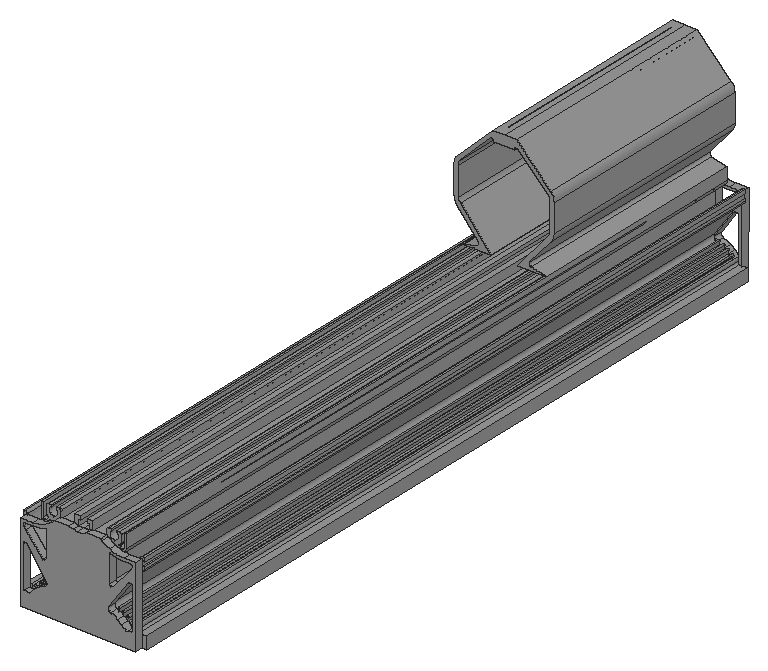
Revit family "L-street 24 Standart", category Осветительные приборы, Revit 2017 (continued)
Types (7, lengths in mm): name | built-in parameter 1150134 | Файл фотометрической сетки | built-in parameter 1150105 | Lumens | built-in parameter 1150106 | built-in parameter 1150142 | Wattage | built-in parameter 1150107 | Артикул
     390 394.1 398.6 403.2 408.1 412.7 416.8 420.2 423.6 427.4 431.9 437.2 443.6 450.4 458.6 467.8 478.1 488.9 500.4 512.6 525.2 538.3 550.5 561.4 569.2 573.5 573 566 550.8 523.8 483.7 426.3 358.3 287.2 226 175.3 132.2 89.9 55.3 36.1 25 16.8 13 11.4 10.1 9.1 8.4 7.8 7.2 6.8 6.3 5.8 5.4 5.1 4.8 4.6 4.1 3.2 2.8\r\n328.9 328.5 328.2 328.2 328.2 328.4 328.9 329.6 330.4 331.5 332.7 334 335.5 337.3 339.3 341.7 344.1 346.7 349.2 351.6 354.2 356.7 359.3 361.9 365 368.1 371.3 374.6 378.2 381.9 385.9 390.5 395.4 400.3 405.8 411.6 417.7 423.6 429 433.5 438.2 443.3 449.2 455.8 462.9 470.3 479 488.5 499.4 511.7 526 542.3 559.9 579.1 598.2 616.8 632.3 645.2 654.6 659.9 659.2 648.4 620.7 563.4 477.2 374.4 283.9 211.1 150.4 93 54.4 36.9 25.8 17.6 14 12.2 10.9 9.9 9.1 8.5 7.8 7.4 6.7 6.3 5.9 5.5 5.2 4.9 4.4 3.3 2.9\r\n328.9 328.5 328.3 328.3 328.5 328.8 329.3 330.1 331 332.2 333.4 334.8 336.4 338.2 340.3 342.5 344.9 347.4 350 352.6 355.1 357.6 360.2 362.9 365.9 368.9 372 375.3 378.8 382.5 386.5 391.1 396.3 401.6 407.5 413.8 420.8 427.5 433.8 439.1 444.6 450.3 457.4 465.6 474.8 485 496.5 508.6 522.2 536.9 552.8 569.8 587.4 606.2 625.2 644.8 662.4 678.1 690.6 700.2 705.2 700.9 677.7 619.9 527.1 411.5 307.8 226 157.1 93 55.9 38.9 27.5 18.9 14.9 13 11.6 10.5 9.8 9.1 8.4 7.9 7.2 6.7 6.2 5.8 5.5 5.2 4.6 3.4 2.9\r\n328.9 328.6 328.5 328.4 328.7 329.1 329.7 330.6 331.6 332.8 334.1 335.5 337.2 339.1 341.2 343.3 345.8 348.2 350.9 353.6 356.1 358.5 361.2 363.9 366.8 369.7 372.7 376 379.5 383.1 387.2 391.8 397.2 402.9 409.2 416.1 423.9 431.3 438.5 444.8 450.9 457.3 465.6 475.3 486.8 499.7 513.9 528.8 545.1 562 579.7 597.3 614.9 633.3 652.3 672.8 692.6 710.9 726.5 740.5 751.1 753.4 734.6 676.4 577.1 448.5 331.7 241 163.8 93.1 57.5 40.9 29.1 20.2 15.9 13.8 12.3 11.2 10.4 9.7 9 8.4 7.7 7.1 6.6 6.2 5.8 5.5 4.9 3.5 2.8\r\n328.9 328.6 328.5 328.6 328.9 329.3 330.1 331 332 333.3 334.7 336 337.9 339.8 342 344.3 347 349.4 352.1 355 357.6 360.1 362.8 365.6 368.5 371.5 374.5 377.7 381.2 384.8 388.9 393.5 398.8 404.6 411.1 418.5 426.6 434.3 441.8 448.1 454.5 461.5 470.8 481.7 494.7 509.3 525.6 543.2 562.8 583.2 605 627.4 649.8 673.3 697 721.2 744.1 764.1 778.2 783.6 777 755.4 714.5 642.8 541.4 421.1 315.5 229 151.8 86.9 55.2 38.9 27.8 20.1 16.2 14.2 12.6 11.6 10.7 10 9.3 8.6 8 7.4 6.8 6.4 6 5.7 5 3.6 2.9\r\n328.9 328.6 328.6 328.8 329.1 329.6 330.4 331.4 332.5 333.7 335.2 336.6 338.6 340.6 342.9 345.3 348.1 350.6 353.4 356.3 359 361.7 364.5 367.2 370.2 373.2 376.3 379.4 382.9 386.4 390.5 395.1 400.3 406.2 413.1 420.9 429.3 437.3 445 451.5 458 465.8 476 488.1 502.7 518.9 537.3 557.6 580.5 604.3 630.3 657.5 684.7 713.2 741.6 769.7 795.6 817.4 829.9 826.8 802.8 757.4 694.3 609.1 505.7 393.7 299.3 217 139.7 80.8 52.9 36.9 26.6 20 16.5 14.6 13 11.9 11.1 10.3 9.6 8.9 8.3 7.7 7.1 6.6 6.3 5.9 5.1 3.6 3\r\n328.9 328.7 328.8 328.9 329.3 330 330.8 331.9 333.1 334.4 336 337.6 339.6 341.7 344.2 346.7 349.5 352.1 355 357.9 360.7 363.5 366.4 369.2 372.3 375.3 378.4 381.5 385.1 388.8 393.1 397.8 403.2 409.1 416.2 424.2 432.7 440.8 448.6 454.7 460.9 468.4 478.4 490.1 504.2 519.7 537.4 557 579 602.2 627.4 653.9 680.8 709.8 739.9 771.3 801.5 829.4 850.7 859.9 847.5 808.1 741 643.7 528.7 412.9 318.2 234.4 150.2 84 54.9 37.9 27.2 20.8 17.3 15.2 13.5 12.4 11.5 10.7 10 9.3 8.6 7.9 7.3 6.9 6.5 6.1 5.3 3.8 3\r\n328.9 328.8 328.9 329 329.6 330.3 331.2 332.3 333.7 335.2 336.8 338.6 340.6 342.8 345.5 348.2 350.9 353.7 356.6 359.6 362.4 365.3 368.2 371.2 374.4 377.4 380.5 383.6 387.3 391.2 395.6 400.5 406 411.9 419.2 427.5 436 444.3 452.2 457.9 463.7 471 480.7 492.2 505.6 520.6 537.4 556.3 577.6 600 624.5 650.4 677 706.4 738.3 772.8 807.5 841.5 871.5 893.1 892.3 858.7 787.6 678.2 551.8 432 337.2 251.9 160.7 87.2 56.8 39 27.9 21.5 18 15.7 14.1 12.8 12 11.2 10.3 9.6 8.9 8.2 7.6 7.1 6.7 6.3 5.5 4 3.1\r\n328.9 329 329.5 330 330.7 331.9 333.2 334.6 336.2 338 339.8 341.8 344 346.5 349.2 352.1 354.9 357.8 360.7 363.6 366.4 369.2 372 374.9 377.8 380.7 383.9 387.3 391.1 395.4 400.3 405.6 411.7 418.6 427.2 436.3 444.8 452.4 459 464.7 471.7 481.1 492.7 506.6 522.4 540.2 559.7 581.7 605.8 631.5 658.1 685.9 714.5 745.8 778.3 812.3 846.4 879.2 904.3 916.2 905.6 859.1 774.4 661.5 532.7 402.1 293.1 196.3 120.8 68.8 45.8 31.7 22.8 18 15.4 13.6 12.3 11.3 10.5 9.8 9.1 8.5 7.9 7.3 6.9 6.5 6.1 5.5 4.3 3.3 2.9\r\n328.9 329.3 330.2 330.9 331.9 333.4 335.1 336.8 338.7 340.8 342.8 345 347.5 350.1 353 356 358.9 361.9 364.8 367.6 370.4 373.1 375.9 378.6 381.2 384 387.3 390.9 395 399.6 404.9 410.7 417.4 425.2 435.2 445.1 453.5 460.4 465.8 471.5 479.7 491.2 504.8 521 539.3 559.8 582 607.2 633.9 663 691.7 721.3 752.1 785.2 818.3 851.9 885.2 917 937 939.3 919 859.4 761.2 644.9 513.6 372.2 249 140.6 80.9 50.5 34.7 24.4 17.8 14.5 12.7 11.4 10.5 9.8 9.1 8.5 8 7.4 7 6.5 6.2 5.9 5.5 4.8 3.2 2.7 2.7\r\n328.9 329.4 330.2 331 332 333.4 335 336.7 338.6 340.6 342.6 344.7 347.1 349.6 352.4 355.2 358.1 360.9 363.6 366.2 368.8 371.4 374 376.6 379.2 382 385.3 388.8 392.6 397 402.2 407.8 414.4 421.9 431.2 440.5 448.4 454.9 460.4 466.2 474 484.8 497.7 513 530.2 549.4 569.9 593 617.3 643.5 669.5 695.9 722.8 751.4 780 808.5 835.6 860.9 877.7 881 869.3 832.1 763.8 664.3 532.5 377.6 247 136.9 77.5 48.8 34.8 24 17.1 14.1 12.4 11.1 10.2 9.6 8.9 8.3 7.8 7.2 6.8 6.3 6 5.7 5.4 4.7 3.1 2.7 2.7\r\n328.9 329.4 330.1 331 332.1 333.4 334.9 336.6 338.5 340.4 342.3 344.5 346.7 349.1 351.8 354.5 357.3 359.9 362.4 364.8 367.2 369.6 372.2 374.6 377.3 380.1 383.3 386.6 390.2 394.4 399.4 405 411.4 418.6 427.2 435.9 443.2 449.5 455 460.8 468.3 478.4 490.6 505 521.2 539.1 557.7 578.9 600.7 624.1 647.2 670.6 693.5 717.6 741.7 765.1 785.9 804.8 818.4 822.6 819.6 804.9 766.4 683.8 551.4 383.1 244.9 133.2 74 47.1 34.9 23.6 16.4 13.6 12.1 10.9 10 9.4 8.7 8.1 7.6 7 6.6 6.2 5.8 5.4 5.3 4.5 3 2.6 2.7\r\n328.9 329.4 330.2 331 332 333.3 334.7 336.2 338 339.7 341.5 343.5 345.5 347.8 350.3 353 355.7 358.2 360.7 363 365.4 367.8 370.3 372.8 375.5 378.3 381.5 384.8 388.6 392.8 397.6 403 409.3 416.1 424.2 432.5 439.5 445.4 450.6 455.9 462.5 471.1 481.3 493.2 506.3 520.8 536.2 553.5 571.6 591.3 611.2 631.8 652.8 675.7 698.9 722.2 742.8 761.3 775.1 781.3 780.2 768.4 735.8 659.6 539 387.4 258.5 153.6 86.2 51.2 36.2 25 17.1 13.6 12 10.8 9.8 9.2 8.5 8 7.4 6.9 6.5 6 5.7 5.4 5.1 4.5 3.1 2.7 2.7\r\n328.9 329.4 330.2 330.9 332 333.2 334.5 335.8 337.4 339.1 340.8 342.5 344.4 346.5 348.9 351.5 354.1 356.6 358.9 361.3 363.6 365.9 368.4 371 373.6 376.5 379.6 383.1 387 391.1 395.7 401 407.1 413.6 421.1 429 435.8 441.3 446.2 451 456.7 463.9 472 481.4 491.5 502.6 514.6 528.2 542.5 558.5 575.2 593 612 633.7 656.1 679.2 699.7 717.9 731.8 740 740.8 732 705.1 635.4 526.7 391.7 272.1 174 98.4 55.3 37.6 26.3 17.8 13.6 11.9 10.7 9.7 9 8.3 7.8 7.3 6.8 6.3 5.9 5.6 5.3 4.9 4.5 3.3 2.7 2.7\r\n328.9 329.5 330.3 331 332 333.1 334.2 335.5 337 338.5 340.1 341.6 343.4 345.3 347.5 350 352.5 354.9 357.3 359.6 361.8 364 366.3 368.6 371.2 373.8 376.8 380.1 383.8 387.6 392 396.7 402.2 408 414.6 421.4 427.4 432.1 436.2 439.9 444.1 449.8 456.5 464.2 472.4 481.7 492.1 504.3 517.4 532 547.1 562.9 578.6 594.9 610.3 625.2 636.8 644.4 646.8 642.2 628.3 601.4 558.5 487.4 398.1 300.5 218.4 153.5 97.9 57.3 37.8 25.4 16.7 12.7 11.3 10.1 9.1 8.4 7.8 7.3 6.8 6.4 5.9 5.5 5.2 4.9 4.6 4.3 3.2 2.7 2.7\r\n328.9 329.6 330.4 331 332 333 334 335.2 336.5 338 339.5 340.8 342.3 344.1 346.2 348.5 350.9 353.2 355.7 357.9 360.1 362.1 364.1 366.3 368.7 371.1 374 377.1 380.5 384.1 388.2 392.4 397.3 402.4 408 413.7 419 423 426.2 428.7 431.6 435.7 440.9 447 453.3 460.7 469.6 480.4 492.2 505.5 519.1 532.8 545.2 556 564.6 571.2 573.9 570.8 561.8 544.4 515.9 470.9 411.9 339.3 269.5 209.3 164.6 132.9 97.4 59.2 38 24.5 15.6 11.9 10.6 9.5 8.6 7.9 7.3 6.7 6.4 5.9 5.5 5.1 4.9 4.6 4.3 4 3 2.6 2.6\r\n328.9 329.6 330.3 330.9 331.7 332.6 333.5 334.6 335.8 337.1 338.4 339.6 341 342.5 344.5 346.6 348.8 351.1 353.5 355.6 357.6 359.4 361.2 363.2 365.5 367.9 370.6 373.6 377 380.4 384 387.7 391.8 395.9 400.4 404.8 409 412.2 414.8 416.7 419.1 422.5 426.9 432.4 438.2 444.8 451.8 459.6 467.6 476.2 484.4 492.1 497.8 501.1 501.5 498.2 489.1 471.8 446.9 414.5 377.6 335.3 291 243.7 199.4 161.3 132.5 111.4 88.8 60 38.2 24.5 15.5 11.5 10.1 9.1 8.1 7.4 6.8 6.3 5.9 5.6 5.2 4.8 4.5 4.3 4.1 3.8 3 2.6 2.6\r\n328.9 329.6 330.2 330.8 331.5 332.2 333 334 335.1 336.2 337.4 338.4 339.6 341 342.7 344.6 346.8 349 351.2 353.2 355.2 356.8 358.4 360.1 362.3 364.7 367.2 370.2 373.4 376.6 379.9 382.9 386.3 389.4 392.8 395.9 399 401.5 403.4 404.8 406.6 409.3 413 417.7 423.2 428.9 434.1 438.8 443 446.9 449.6 451.3 450.4 446.3 438.5 425.2 404.4 372.8 332.1 284.5 239.3 199.8 170 148 129.3 113.3 100.4 90 80.2 60.7 38.4 24.6 15.5 11.1 9.6 8.7 7.7 6.9 6.3 5.9 5.5 5.2 4.9 4.5 4.2 4 3.8 3.6 2.9 2.7 2.6\r\n328.9 329.6 330.1 330.7 331.3 331.9 332.7 333.7 334.6 335.6 336.6 337.5 338.6 339.9 341.4 343.2 345.2 347.2 349.1 350.9 352.7 354.2 355.8 357.6 359.7 362.1 364.5 367.1 369.7 372.2 374.7 377.2 379.9 382.5 385.1 387.6 390 392.2 394 395.5 397.2 398.9 400.9 403.2 405.8 408.1 409.5 410 409.2 407 401.9 393.5 379.6 360.7 338.2 313.8 287.4 259.5 230.5 200.1 171.3 146.3 126.5 111.3 98.3 88 80.3 73.6 62.6 45.5 29.8 19.7 12.9 9.9 8.7 7.8 6.9 6.3 5.7 5.3 5 4.7 4.4 4.1 3.8 3.6 3.4 3.1 2.7 2.6 2.5\r\n328.9 329.6 330 330.5 331 331.7 332.4 333.3 334.1 335 335.7 336.6 337.5 338.9 340.2 341.7 343.6 345.5 347 348.7 350.2 351.6 353.2 355.1 357.2 359.5 361.8 364 366 367.9 369.5 371.4 373.5 375.5 377.4 379.4 381.1 382.8 384.6 386.2 387.8 388.6 388.8 388.6 388.5 387.4 384.9 381.1 375.4 367.2 354.2 335.6 308.8 275.2 237.8 202.4 170.4 146.1 128.9 115.6 103.3 92.8 83 74.7 67.3 62.7 60.1 57.1 45.1 30.4 21.1 14.9 10.4 8.8 7.8 6.9 6.2 5.6 5.1 4.8 4.5 4.1 3.9 3.7 3.5 3.3 3.1 2.7 2.5 2.5 2.5\r\n328.9 329.5 329.8 330.3 330.6 331.2 331.7 332.4 333 333.7 334.2 334.8 335.4 336.4 337.3 338.6 340.1 341.7 343.1 344.6 346.1 347.4 348.8 350.3 352 353.8 355.5 357.1 358.6 360 361.2 362.3 363.6 365 366.4 368.1 369.5 370.4 370.9 370.8 370.5 369.4 367.5 364.9 361.4 356.8 349.7 339.5 325 306.7 283.4 257 228.1 199.7 172.9 149.4 128.6 112.2 99.6 89.2 79.7 71.9 64.6 58.5 52.9 49.3 46.4 42.2 33.6 24.5 18.4 13.7 10.1 8.5 7.6 6.7 6 5.3 4.8 4.5 4.3 3.9 3.7 3.5 3.3 3.1 3 2.6 2.4 2.4 2.4\r\n328.9 329.4 329.7 330 330.2 330.6 331 331.5 332 332.4 332.7 332.9 333.3 333.9 334.5 335.5 336.6 337.9 339.3 340.6 341.9 343.2 344.4 345.6 346.8 348.1 349.2 350.3 351.3 352.1 352.9 353.2 353.7 354.4 355.4 356.8 357.8 358 357.2 355.5 353.3 350.3 346.3 341.1 334.4 326.1 314.5 297.9 274.7 246.3 212.5 178.4 147.3 124.1 108 96.4 86.8 78.2 70.2 62.8 56.2 50.9 46.3 42.4 38.6 35.9 32.7 27.2 22.1 18.6 15.6 12.5 9.8 8.3 7.4 6.5 5.8 5.1 4.6 4.2 4.1 3.8 3.5 3.4 3.2 3 2.9 2.5 2.3 2.4 2.4\r\n328.9 329.4 329.6 329.8 330 330.2 330.4 330.7 330.9 331.1 331.2 331.3 331.4 331.6 332 332.8 333.6 334.8 335.8 337 338 339 339.9 340.7 341.5 342.3 343 343.7 344.2 344.5 344.8 344.9 345.1 345.2 345.2 345.4 345.1 344 342.1 339.1 334.9 329.9 323.6 315.4 304.1 289.5 270.1 246.3 218.3 189.8 161.8 137.2 116 100.1 88.3 79.2 71.4 64.3 57.9 52.2 47.2 43.1 39.5 36.3 33 30.2 27.2 23.3 19.6 16.9 14.4 11.8 9.5 8.3 7.4 6.6 5.8 5.1 4.5 4.1 3.9 3.6 3.4 3.3 3.1 2.9 2.8 2.5 2.3 2.3 2.4\r\n328.9 329.4 329.6 329.7 329.7 329.7 329.8 329.9 329.9 329.9 329.8 329.7 329.4 329.3 329.6 330 330.6 331.6 332.4 333.3 334.1 334.8 335.4 335.7 336.1 336.4 336.8 337 337.1 336.9 336.8 336.5 336.5 336.1 335 333.9 332.3 330.1 327 322.6 316.6 309.6 301 289.7 273.8 252.8 225.7 194.7 161.9 133.3 111 96 84.7 76.1 68.6 62 56 50.4 45.5 41.6 38.2 35.3 32.8 30.2 27.3 24.4 21.7 19.4 17.2 15.2 13.1 11 9.3 8.2 7.4 6.7 5.8 5.1 4.4 3.9 3.8 3.5 3.4 3.2 3 2.9 2.8 2.5 2.2 2.3 2.4\r\n328.9 329.3 329.4 329.4 329.3 329.2 329 328.9 328.7 328.5 328.2 327.9 327.5 327.2 327.2 327.5 327.9 328.5 329.1 329.6 330 330.3 330.4 330.6 330.7 330.8 330.8 330.7 330.4 330 329.4 328.5 327.5 326 324.1 321.7 318.8 314.9 310.1 304 296 286 272.6 255.5 233.2 207 178.6 151.5 126.8 106.9 91.5 80.4 71.6 64.3 58 52.5 47.6 43.4 39.8 36.8 34.2 31.8 29.5 27.1 24.8 22.5 20.3 18.4 16.5 14.8 13.1 11.5 9.9 8.6 7.6 6.8 6 5.3 4.5 4 3.7 3.5 3.3 3.1 2.9 2.8 2.7 2.5 2.2 2.2 2.3\r\n328.9 329.3 329.2 329.1 328.8 328.6 328.2 328 327.6 327.1 326.6 326.1 325.5 325.2 324.9 325 325.1 325.4 325.7 325.8 325.9 325.7 325.4 325.4 325.3 325.2 324.8 324.4 323.8 323 322.1 320.5 318.5 316 313.1 309.5 305.4 299.8 293.2 285.4 275.5 262.4 244.2 221.4 192.6 161.2 131.4 108.3 91.8 80.6 72 64.9 58.4 52.6 47.4 43 39.3 36.3 34 32.1 30.3 28.3 26.1 24.1 22.3 20.7 18.9 17.3 15.8 14.4 13.1 11.9 10.5 8.9 7.8 7 6.2 5.5 4.7 4 3.6 3.4 3.2 3.1 2.9 2.7 2.6 2.4 2.3 2.1 2.2\r\n328.9 329.2 329.1 328.9 328.5 328.1 327.6 327.1 326.5 325.8 325 324.2 323.5 322.9 322.5 322.3 322.2 322.1 322 321.7 321.1 320.5 319.8 319.4 319 318.6 318.3 318 317.4 316.3 314.8 312.5 309.6 306 301.6 296.4 290.5 283 273.9 262.7 247.9 229.2 205.3 179.3 152 127.2 106.1 90 78 69.4 62.5 56.6 51.2 46.4 42.2 38.8 35.9 33.6 31.7 29.9 28.2 26.4 24.5 22.9 21.5 20.1 18.6 17.3 16.1 14.8 13.7 12.7 11.6 10.2 8.7 7.5 6.6 5.9 5 4.3 3.7 3.4 3.2 3 2.9 2.7 2.6 2.4 2.2 2.1 2.2\r\n328.9 329.2 329 328.7 328.2 327.6 326.9 326.2 325.4 324.4 323.3 322.2 321.4 320.7 320.1 319.6 319.2 318.9 318.4 317.5 316.4 315.2 314.1 313.3 312.6 312.1 311.8 311.6 311 309.7 307.4 304.5 300.7 295.9 290.2 283.3 275.6 266.1 254.6 240 220.4 195.9 166.4 137.2 111.4 93.3 80.7 71.7 64.3 58.2 53 48.3 43.9 40.2 37.1 34.6 32.6 31 29.4 27.8 26.1 24.4 22.9 21.8 20.7 19.5 18.4 17.3 16.4 15.3 14.4 13.5 12.7 11.5 9.6 8 7 6.2 5.3 4.5 3.8 3.4 3.1 2.9 2.9 2.7 2.6 2.4 2.2 2.1 2.1\r\n328.9 329.1 328.9 328.5 327.9 327.2 326.4 325.6 324.6 323.3 322 320.8 319.8 318.9 318.2 317.5 316.8 316.1 315.1 313.9 312.4 310.9 309.5 308.4 307.3 306.4 305.9 305.3 304.4 302.7 300.3 297.2 293.3 288 281.6 274 265.3 254.3 240.7 223.1 200.5 173.9 145 119.4 98.6 84.1 73.5 65.7 59.1 54 49.5 45.3 41.5 38.2 35.5 33.3 31.4 29.8 28.2 26.6 25.1 23.6 22.2 21.1 20.2 19.3 18.5 17.7 16.9 16 15.1 14.3 13.5 12.5 11.1 9.6 7.9 6.6 5.7 4.9 4.1 3.5 3.2 2.9 2.8 2.7 2.6 2.4 2.2 2.1 2.1\r\n328.9 329.1 328.8 328.3 327.6 326.8 325.8 324.9 323.7 322.1 320.6 319.3 318.2 317 316.2 315.3 314.4 313.3 311.9 310.3 308.3 306.6 305 303.4 302 300.8 300 299.1 297.7 295.7 293.1 289.8 285.8 280.1 273 264.6 254.9 242.5 226.9 206.2 180.6 151.8 123.5 101.5 85.7 74.9 66.3 59.6 54 49.7 45.9 42.3 39 36.3 34 31.9 30.2 28.6 27 25.5 24.1 22.7 21.5 20.5 19.7 19.1 18.6 18 17.3 16.6 15.8 15 14.3 13.4 12.5 11.1 8.7 7.1 6.1 5.3 4.4 3.5 3.2 2.9 2.8 2.7 2.6 2.4 2.2 2.1 2\r\n328.9 329 328.7 328.1 327.3 326.4 325.3 324.1 322.7 320.9 319.1 317.6 316.3 315.1 313.9 312.8 311.5 309.9 307.9 305.7 303.5 301.4 299.5 297.5 295.7 294.2 292.6 290.6 288.1 285 281.6 277.4 272.1 265.3 257.3 247.5 235.5 219.7 200.5 176.6 150.6 125.6 104.1 88.2 76.4 67.6 60.4 54.7 50.1 46.5 43.3 40.4 37.5 35.2 33 31.1 29.4 28 26.4 25 23.6 22.4 21.1 20.3 19.8 19.2 18.7 18 17.3 16.6 15.9 15.5 15 14.4 13.9 12.8 11 9.1 7.1 5.8 4.8 3.9 3.3 3 2.8 2.7 2.6 2.4 2.2 2 2\r\n328.9 328.9 328.5 327.8 327 326 324.7 323.4 321.7 319.7 317.6 315.9 314.5 313.1 311.6 310.2 308.6 306.4 303.9 301.2 298.6 296.2 294 291.5 289.5 287.6 285.2 282.1 278.4 274.4 270.2 265 258.4 250.5 241.6 230.5 216 196.9 174.1 147 120.5 99.5 84.7 74.9 67 60.3 54.4 49.8 46.1 43.3 40.8 38.5 36.1 34 32 30.2 28.6 27.3 25.9 24.5 23.1 22 20.8 20.1 19.8 19.3 18.8 18 17.2 16.6 16.1 15.9 15.7 15.4 15.2 14.6 13.2 11.1 8.1 6.3 5.2 4.2 3.4 3 2.8 2.7 2.6 2.4 2.2 1.9 2\r\n328.9 328.9 328.5 327.7 326.8 325.6 324.3 322.8 320.9 318.7 316.5 314.6 312.9 311.3 309.7 307.9 305.7 303.1 300.1 297.1 294.1 291.4 288.9 286.5 284.2 281.7 278.6 274.9 270.7 266.1 260.9 254.6 247 238.2 228 214.8 198.1 176.2 151.4 125.6 103.6 87.8 76.3 68 61 55.2 50.3 46.6 43.7 41.5 39.4 37.3 35.1 33.1 31.3 29.7 28.2 27.1 25.8 24.6 23.2 22.1 21 20.3 19.9 19.4 19 18.3 17.7 17.1 16.5 16.2 16.1 15.8 15.4 14.6 13.5 11.9 9.7 7.9 5.9 4.6 3.8 3.2 2.8 2.7 2.5 2.4 2.2 2 2\r\n328.9 328.9 328.4 327.6 326.6 325.3 323.9 322.1 320.2 317.7 315.5 313.3 311.3 309.6 307.8 305.5 302.9 299.7 296.3 292.9 289.7 286.5 283.8 281.4 278.9 275.8 272.1 267.7 263 257.7 251.6 244.2 235.6 225.9 214.3 199.1 180.2 155.6 128.7 104.2 86.8 76 67.9 61.1 55 50 46.2 43.4 41.2 
    39.6 38 36.2 34.2 32.2 30.6 29.2 27.9 26.8 25.7 24.6 23.4 22.3 21.2 20.5 20 19.6 19.2 18.7 18.2 17.5 16.9 16.6 16.6 16.2 15.6 14.7 13.8 12.6 11.3 9.5 6.7 5 4.1 3.3 2.9 2.6 2.5 2.3 2.1 2 2\r\n328.9 328.9 328.4 327.5 326.4 325.1 323.6 321.7 319.6 317.1 314.7 312.3 310.2 308.2 306.1 303.5 300.4 296.8 293 289.3 285.8 282.4 279.6 276.9 274.1 270.5 266.3 261.4 256.2 250.1 243.2 235.1 226 215.2 202.2 185.4 164.9 140.2 115.8 95.1 80.7 71.6 64.3 57.9 52.3 47.8 44.6 42.2 40.4 39 37.5 35.7 33.8 31.9 30.4 29.1 27.9 26.8 25.6 24.5 23.5 22.5 21.6 20.9 20.4 20 19.7 19.3 18.7 17.9 17.1 16.4 16.1 15.7 15.1 14.4 13.4 12 10.7 9.2 7.3 5.8 4.5 3.6 3 2.7 2.4 2.3 2.1 2 2\r\n328.9 328.9 328.4 327.4 326.2 324.9 323.3 321.3 319 316.4 313.9 311.3 309 306.8 304.4 301.5 297.9 293.8 289.8 285.7 281.9 278.3 275.3 272.4 269.3 265.2 260.5 255.1 249.3 242.6 234.8 226.1 216.3 204.5 190.1 171.6 149.6 124.8 102.9 85.9 74.6 67.1 60.6 54.8 49.6 45.7 42.9 41 39.6 38.4 37 35.3 33.4 31.7 30.2 29 27.9 26.8 25.5 24.4 23.6 22.6 21.9 21.3 20.7 20.4 20.3 20 19.3 18.3 17.3 16.3 15.6 15.2 14.6 14 13 11.4 10.1 9 8 6.6 5 3.8 3.1 2.7 2.4 2.3 2.1 1.9 1.9\r\n328.9 328.9 328.2 327.1 325.9 324.5 322.8 320.6 318.3 315.7 313.1 310.5 308 305.6 302.9 299.6 295.7 291.3 287 282.6 278.7 275.2 272.2 269.1 265.7 261.3 256.3 250.5 244.3 237 228.7 219.3 208.6 195.5 179.4 159.1 136 112.5 93.6 79.8 70.4 63.7 57.4 51.9 47.3 44.1 41.9 40.3 39 37.9 36.5 34.9 33.1 31.6 30.2 28.9 27.6 26.4 25.3 24.4 23.6 23 22.6 22.3 22.1 21.9 21.5 20.7 19.8 18.7 17.6 16.5 15.6 14.8 13.9 13.2 12.1 10.9 9.8 8.8 7.7 6.5 5.2 4 3.1 2.7 2.4 2.3 2.1 1.9 1.9\r\n328.9 328.8 328 326.8 325.5 324.1 322.3 320 317.6 314.9 312.2 309.6 307 304.3 301.4 297.6 293.5 288.8 284.2 279.5 275.5 272 269 265.9 262 257.3 252 245.8 239.2 231.4 222.7 212.6 201 186.6 168.7 146.5 122.3 100.1 84.4 73.6 66.3 60.4 54.3 48.9 44.9 42.4 40.8 39.5 38.4 37.3 35.9 34.5 32.8 31.5 30.3 28.7 27.3 26.1 25.2 24.3 23.7 23.4 23.2 23.4 23.4 23.3 22.6 21.5 20.3 19.1 17.8 16.7 15.6 14.4 13.2 12.3 11.3 10.5 9.6 8.6 7.5 6.4 5.4 4.1 3.2 2.6 2.4 2.2 2.1 1.9 1.9\r\n328.9 328.8 328 326.8 325.6 324 322.1 319.8 317.3 314.6 311.8 309.2 306.4 303.5 300.2 296.1 291.6 286.6 281.7 276.8 272.7 269.1 266.1 262.7 258.6 253.5 248 241.7 234.8 226.8 217.9 207.5 195.5 180.5 162.1 139.5 116 95.4 81.2 71.4 64.5 58.7 52.6 47.6 44.1 42 40.5 39.4 38.3 37.2 35.9 34.6 33.2 31.7 30.3 28.8 27.5 26.4 25.5 24.9 24.6 24.5 24.4 24.3 24.2 23.9 23.2 22.2 20.9 19.6 18.3 17.1 15.9 14.7 13.7 12.8 11.8 10.8 9.9 8.8 7.8 6.7 5.7 4.6 3.5 2.8 2.5 2.2 2.1 1.9 1.9\r\n328.9 328.8 328 326.8 325.6 323.9 321.9 319.6 317 314.2 311.4 308.7 305.8 302.6 299 294.5 289.6 284.3 279.2 274.1 269.9 266.3 263.1 259.5 255.2 249.8 244 237.6 230.5 222.2 213.2 202.5 190.1 174.5 155.5 132.5 109.6 90.7 78 69.1 62.8 57 50.9 46.2 43.3 41.5 40.3 39.3 38.3 37.1 36 34.8 33.6 31.9 30.3 28.9 27.7 26.6 25.9 25.5 25.4 25.6 25.5 25.2 24.9 24.4 23.8 22.8 21.6 20.2 18.7 17.4 16.1 15 14.1 13.3 12.3 11.2 10.2 9 8 6.9 6 5.1 3.8 3 2.5 2.2 2.1 1.9 1.9\r\n328.9 328.9 328.2 327.1 325.7 324 322.1 319.8 317.3 314.4 311.6 308.9 305.9 302.7 299 294.5 289.5 284.1 278.8 273.5 269 265.2 261.9 258.1 253.6 248.1 242.1 235.5 228.2 219.8 210.5 199.7 186.9 170.9 151.6 128.7 106.5 88.7 77 68.5 62.4 56.6 50.7 46.1 43.2 41.6 40.4 39.5 38.4 37.3 36.1 35 33.7 32 30.4 29 27.9 27 26.4 26.2 26.3 26.2 25.7 25.3 24.9 24.5 23.9 23 21.7 20.3 18.8 17.4 16.1 15.1 14.2 13.3 12.2 11.2 10.1 8.9 7.8 6.6 5.5 4.6 3.7 3 2.6 2.2 2.1 1.9 1.9\r\n328.9 328.9 328.4 327.3 325.8 324.1 322.3 320 317.5 314.7 311.9 309.1 306.1 302.8 299 294.4 289.4 283.8 278.3 272.9 268.2 264.1 260.6 256.7 252 246.4 240.3 233.4 226 217.4 207.9 196.8 183.7 167.4 147.8 124.9 103.3 86.7 75.9 67.9 62 56.3 50.4 46 43.1 41.6 40.5 39.7 38.5 37.5 36.3 35.3 33.8 32.1 30.5 29.2 28.1 27.3 26.9 27 27.1 26.8 26 25.4 25 24.6 24 23.1 21.9 20.4 18.9 17.3 16.1 15.2 14.2 13.2 12.2 11.1 9.9 8.8 7.7 6.3 5 4.1 3.5 3 2.6 2.3 2.1 1.9 1.9\r\n328.9 328.8 328 326.9 325.4 323.7 321.8 319.4 316.9 314 311.2 308.4 305.4 302 298.2 293.5 288.4 282.7 277.2 271.7 267 263.1 259.6 255.6 250.7 244.9 238.7 231.9 224.4 215.9 206.4 195.2 181.8 165.1 144.9 121.7 100.3 84.5 74.4 66.8 61 55.1 49.4 45.3 42.7 41.4 40.3 39.4 38.3 37.2 36.1 35 33.4 31.6 30.1 28.9 27.8 27.2 27 27.1 27.1 26.6 25.8 25.2 24.9 24.6 23.9 23 21.8 20.3 18.7 17.2 15.9 14.9 14 13.1 12 11 9.7 8.5 7.3 6.1 4.7 4 3.4 2.9 2.5 2.2 2.1 2 1.9\r\n328.9 328.6 327.7 326.6 325.1 323.3 321.3 318.9 316.3 313.4 310.6 307.8 304.7 301.3 297.4 292.6 287.4 281.7 276 270.5 265.9 262.1 258.5 254.5 249.5 243.5 237.2 230.3 222.8 214.3 204.9 193.6 179.9 162.7 142.1 118.4 97.2 82.4 73 65.8 59.9 54 48.4 44.5 42.3 41.1 40.1 39.2 38 36.9 35.9 34.7 32.9 31.1 29.8 28.5 27.6 27.1 27.1 27.3 27 26.5 25.6 25 24.8 24.6 23.9 23 21.7 20.2 18.5 17.1 15.8 14.7 13.9 12.9 11.8 10.8 9.4 8.2 7 5.8 4.5 3.9 3.2 2.8 2.4 2.2 2 2 1.9\r\n" | 28.9884 W | 4000 (stored number, unit not read) | "411103823741500"
